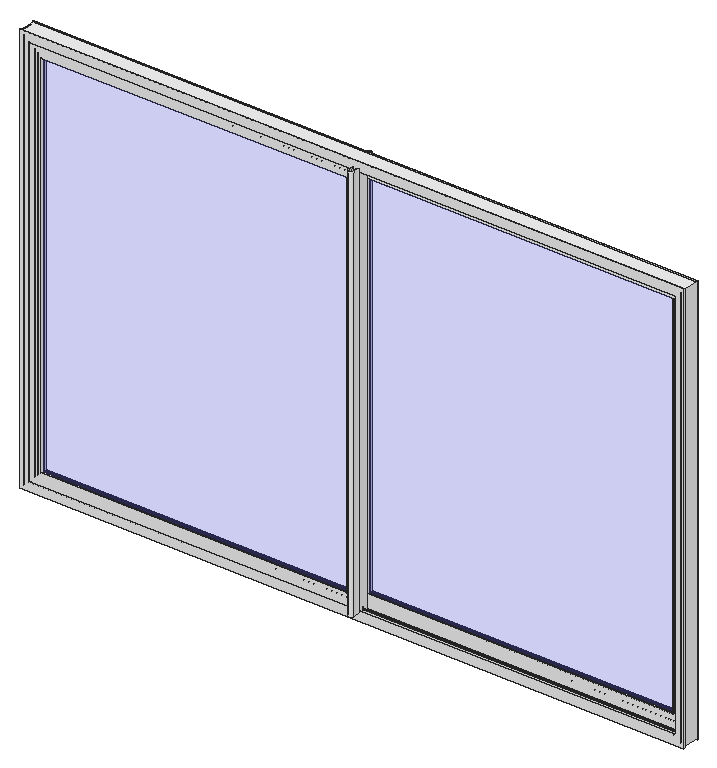
Revit family "1000_Sliding_Window_XO_Custom", category Windows, host Wall, Revit 2014
Parameters (values of type "1000SW-XO-Custom")
  Windload Design = if(Custom Windload < 1001 mm, 1000 mm, if(Custom Windload < 1501 mm, 1500 mm, 2000 mm))  # 1000 mm
  Width Sash Right [instance] = 1500 mm
  Width Sash Left [instance] = 1500 mm
  Width = if(Custom Window Width < Limit Window Width Min, Limit Window Width Min, if(Custom Window Width > Limit Window Width Max, Limit Window Width Max, Custom Window Width))  # 2998.6 mm
  Wall Thickness [instance] = 200 mm
  URL = "http://www.crealco.co.za/crealco-products.php"
  Thermal Resistance (R) [instance] = if(and(Custom U Value > 0.5678, 1 / Custom U Value < 36.9087), Custom U Value, if(not(Custom U Value > 0.5678), 1 / 0.5679, 1 / 36.9086)) * 1.0000 (m²·K)/W  # 1.76087 (m²·K)/W
  Standard Interlocker = not(Heavy Duty Interlocker)  # no
  Solar Heat Gain Coefficient [instance] = if(and(not(Custom SHGC Value < 0), not(Custom SHGC Value > 1)), Custom SHGC Value, if(Custom U Value < 0, 0, 1))  # 0
  Sash Width Right = (Width - (2 mm * 28.7) - Sash Width Left) + 58.8 mm  # 1500 mm
  Sash Width Left = if(Equal Sash Width, ((Width - (2 mm * 28.7)) / 2) + 29.4 mm, if(Custom Sash Width Left < Limit Sash Width Left Min, Limit Sash Width Left Min, if(Custom Sash Width Left > Limit Sash Width Left Max, Limit Sash Width Left Max, Custom Sash Width Left)))  # 1500 mm
  Sash Height = Height - (2 mm * 28.7)  # 1800 mm
  Sash Frame Seal = 2 mm  # constant formula
  Overall Width [instance] = 2998.6 mm
  Overall Height [instance] = 1857.4 mm
  Model = "1000"  # constant formula
  Max Pane Area = if(Area Right Sash Glazing > Area Left Sash Glazing, Area Right Sash Glazing, Area Left Sash Glazing)  # 2.37814 m²
  Manufacturer = "Crealco"  # constant formula
  Limit Window Width Min = (2 * Limit Sash Width Min) + (2 mm * 28.7) - 58.8 mm  # 598.6 mm
  Limit Window Width Max = (2 * Limit Sash Width Max) + (2 mm * 28.7) - 58.8 mm  # 2998.6 mm
  Limit Window Height Min = Limit Sash Height Min + (2 mm * 28.7)  # 357.4 mm
  Limit Window Height Max = Limit Sash Height Max + (2 mm * 28.7)  # 1857.4 mm
  Limit Sash Width Min = 300 mm  # constant formula
  Limit Sash Width Max = 1500 mm  # constant formula
  Limit Sash Width Left Min = if(Width - (2 mm * 28.7) - Limit Sash Width Max + 58.8 mm < Limit Sash Width Min, Limit Sash Width Min, Width - (2 mm * 28.7) - Limit Sash Width Max + 58.8 mm)  # 1500 mm
  Limit Sash Width Left Max = if(Width - (2 mm * 28.7) - Limit Sash Width Min + 58.8 mm > Limit Sash Width Max, Limit Sash Width Max, Width - (2 mm * 28.7) - Limit Sash Width Min + 58.8 mm)  # 1500 mm
  Limit Sash Height Min = 300 mm  # constant formula
  Limit Sash Height Max = 1800 mm  # constant formula
  Is Heavy Duty Mullion = if(Windload Design = 1000 mm, if(and(Width > 1190 mm, Height > 1490 mm), 1 mm, 0 mm), if(Windload Design = 1500 mm, if(or(and(Width > 1490 mm, Height > 1190 mm), Height > 1490 mm), 1 mm, 0 mm), if(or(and(Width > 1190 mm, Height > 1190 mm), Height > 1490 mm), 1 mm, 0 mm)))  # 1 mm
  IGDB or SAGDB Number [instance] = 0
  Height Sash [instance] = 1800 mm
  Height = if(Custom Window Height < Limit Window Height Min, Limit Window Height Min, if(Custom Window Height > Limit Window Height Max, Limit Window Height Max, Custom Window Height))  # 1857.4 mm
  Heavy Duty Interlocker = if(Is Heavy Duty Mullion = 1 mm, 1 = 1, 1 = 0)  # yes
  Heat Transfer Coefficient (U) [instance] = if(and(Custom U Value > 0.5678, Custom U Value < 36.9087), Custom U Value, if(not(Custom U Value > 0.5678), 0.5679, 36.9086)) * 1.0000 W/(m²·K)  # 0.5679 W/(m²·K)
  Glazing Thickness [instance] = if(IGDB or SAGDB Number = 1000015, 4 mm, if(IGDB or SAGDB Number = 9922, 4 mm, if(IGDB or SAGDB Number = 100100, 6 mm, if(IGDB or SAGDB Number = 103200, 7 mm, if(not(Max Pane Area > 0.75 m²), 4 mm, if(not(Max Pane Area > 1.50 m²), 4 mm, if(not(Max Pane Area > 2.10 m²), 5 mm, if(not(Max Pane Area > 2.90 m²), 6.4 mm, if(not(Max Pane Area > 4.30 m²), 8 mm, 10 mm)))))))))  # 6.4 mm
  Glazing Material [instance] = if(IGDB or SAGDB Number = 1000015, "PFG CLEARVUE 4mm", if(IGDB or SAGDB Number = 9922, "PFG ENERGY ADVANTAGE 4mm LOW-E", if(IGDB or SAGDB Number = 100100, "PFG INTRUDERPRUFE 6.38mm", if(IGDB or SAGDB Number = 103200, "PFG INTRUDERPRUFE LOW-E 7.38mm", "Unknown"))))  # "Unknown"
  Glazing Finish [instance] = Glass
  Glazing Code [instance] = if(IGDB or SAGDB Number = 1000015, "CF4", if(IGDB or SAGDB Number = 9922, "CF4E", if(IGDB or SAGDB Number = 100100, "LAM01", if(IGDB or SAGDB Number = 103200, "LAM01E", "Unknown"))))  # "Unknown"
  Frame Thickness = 75.7 mm  # constant formula
  Frame Offset From Exterior [instance] = if(Centered In Wall, (Wall Thickness - Frame Thickness) / 2, Custom Frame Offset From Exterior)  # 62.15 mm
  Equal Sash Width = yes
  Description = "Sliding window, OX custom"  # constant formula
  Default Sill Height = 800 mm
  Wall Closure = By host
  Custom Window Width = 10000 mm
  Custom Window Height = 10000 mm
  Custom Windload = 1000 mm
  Custom U Value [instance] = 0
  Custom Sash Width Left = 0 mm
  Custom SHGC Value [instance] = 0
  Custom Frame Offset From Exterior = 0 mm
  Centered In Wall = yes
  Area Right Sash Glazing = (Sash Width Right - (50.3 mm * 2)) * (Sash Height - (50.3 mm * 2))  # 2.37814 m²
  Area Left Sash Glazing = (Sash Width Left - (50.3 mm * 2)) * (Sash Height - (50.3 mm * 2))  # 2.37814 m²
  Aluminium Finish [instance] = White Powder Coated Aluminium ANP 1052
  All Available Glazing Numbers [instance] = "The rows below list the available glazing materials for this window:"  # constant formula
  9922 [instance] = "CF4E"  # constant formula
  103200 [instance] = "LAM01E"  # constant formula
  100100 [instance] = "LAM01"  # constant formula
  1000015 [instance] = "CF4"  # constant formula
Reference planes
  plane 1 "Center (Front/Back)": y = 0
  plane 2 "Center (Left/Right)": x = 0
  plane 3 "Left": x = -1499.3
  plane 4 "Right": x = 1499.3
  plane 5 "Sill": z = 800
  plane 6 "Head": z = 2657.4
  plane 7 "Exterior": y = 100
  plane 8 "Interior": y = -100
Lines and regions (mm)
  Opening 1
    outline origin (3500, -100, 0) x (1, 0, 0) y (0, 0, 1)
      loop
        line (-2000.7, 800) -> (-2000.7, 2657.4) -> (-4999.3, 2657.4) -> (-4999.3, 800) -> (-2000.7, 800)
Text (mm)
  text "EXTERIOR" at (-1963.203, 1332.353, 0), in view "Ref. Level"
  text "INTERIOR" at (-1981.466, -818.386, 0), in view "Ref. Level"
  text "Exterior" at (0, 923.751, 2943.296), in view "Right"
  text "Exterior" at (0, 1040.484, 2685.409), in view "Left"
Dimensions and locks
  equal spacing: plane 3 "Left", plane 2 "Center (Left/Right)", plane 4 "Right"
  "Width": plane 3 "Left" to plane 4 "Right"
  "Height": plane 5 "Sill" to plane 6 "Head"
  "Default Sill Height": plane 5 "Sill" to level
  locked: plane 7 "Exterior" to host wall at 0
  locked: plane 8 "Interior" to host wall
  "Overall Height": plane 6 "Head" to plane 5 "Sill"
  "Overall Width": plane 3 "Left" to plane 4 "Right"
  "Frame Offset From Exterior": nested 1 to plane 7 "Exterior"
  "Sash Frame Seal": nested 1 to nested 3
  "Sash Frame Seal": nested 2 to nested 1
  "Width Sash Left": nested 3 to nested 3
  "Width Sash Right": nested 2 to nested 2
  "Height Sash": nested 3 to nested 3
  "Wall Thickness": host wall to host wall
  aligned and locked: nested 1 to nested 3
  aligned and locked: nested 2 to nested 1  (x2)
  aligned and locked: nested 3 to nested 1
  aligned and locked: nested 1 to plane 6 "Head"
  aligned and locked: nested 1 to plane 4 "Right"
  aligned and locked: nested 4 to nested 3  (x3)
  aligned and locked: nested 5 to nested 2
  aligned and locked: nested 2 to nested 5
  aligned and locked: nested 7 to nested 2  (x2)
  aligned and locked: nested 2 to nested 7
  aligned and locked: nested 6 to nested 3  (x3)
  aligned and locked: nested 7 to nested 5
Automatic sketch dimensions
  plane 3 "Left" to Opening 1 sketch curve = 0 mm
  plane 4 "Right" to Opening 1 sketch curve = 0 mm
  Opening 1 sketch curve to plane 5 "Sill" = 0 mm
  Opening 1 sketch curve to plane 6 "Head" = 0 mm
Nested families
  nested 1: "1000_Outer_Frame_With_Lip_XO_Cust" at (-1499.3, -37.85, 800) x (-1, 0, 0) z (0, 0, 1), Width <- "Width", Height <- "Height", Profile Material <- "Aluminium Finish", type "1000_Outer_Frame_With_Lip_XO_Cust"
    with Width 2998.6 mm, Profile Material White Powder Coated Aluminium ANP 1052, Height 1857.4 mm
  nested 2: "1000_Sash_SG_XO_Cust" at (29.401, -2.15, 828.699), Sash Height <- "Sash Height", Sash Width <- "Sash Width Right", Profile Material <- "Aluminium Finish", Glazing Thickness <- "Glazing Thickness", Glazing Material <- "Glazing Finish", type "1000_Sash_SG_XO_Cust"
    with Sash Width 1500 mm, Sash Height 1800 mm, Right Sliding no, Profile Material White Powder Coated Aluminium ANP 1052, Length Arrow Tip 141.354 mm, Length Arrow 466.467 mm, Left Sliding no, Is Sliding no, Glazing Thickness 6.4 mm, Glazing Start -3.2 mm, Glazing Material Glass, Glazing End 3.2 mm, Arrow Tip Length 141.354 mm, Arrow Left Gap 516.767 mm, Arrow Bottom Gap 900 mm
  nested 3: "1000_Sash_SG_XO_Cust" at (1470.599, 37.85, 828.699), Sash Height <- "Sash Height", Sash Width <- "Sash Width Left", Profile Material <- "Aluminium Finish", Glazing Thickness <- "Glazing Thickness", Glazing Material <- "Glazing Finish", type "1000_Sash_SG_XO_Cust"
    with Sash Width 1500 mm, Sash Height 1800 mm, Right Sliding yes, Profile Material White Powder Coated Aluminium ANP 1052, Length Arrow Tip 141.354 mm, Length Arrow 466.467 mm, Left Sliding no, Is Sliding yes, Glazing Thickness 6.4 mm, Glazing Start -3.2 mm, Glazing Material Glass, Glazing End 3.2 mm, Arrow Tip Length 141.354 mm, Arrow Left Gap 516.767 mm, Arrow Bottom Gap 900 mm
  nested 4: "1000_Clip_On_Interlocker_XO_Cust" at (1.599, 1.55, 828.699) x (0, 1, 0) z (0, 0, 1), Clip On Interlocker Length <- "Sash Height", visible <- "Standard Interlocker", type "1000_Clip_On_Interlocker_XO_Cust"
    with Profile Material none, Clip On Interlocker Length 1800 mm
  nested 5: "1000_Clip_On_Interlocker_XO_Cust" at (-1.599, 6.15, 828.699) x (0, -1, 0) z (0, 0, 1), Clip On Interlocker Length <- "Sash Height", visible <- "Standard Interlocker", type "1000_Clip_On_Interlocker_XO_Cust"
    with Profile Material none, Clip On Interlocker Length 1800 mm
  nested 6: "1000_Heavy_Duty_Interlocker_XO_Cust" at (119.584, -185.916, 828.699) x (0, 1, 0) z (0, 0, 1), visible <- "Heavy Duty Interlocker", Profile Material <- "Aluminium Finish", Heavy Duty Interlocker Length <- "Sash Height", type "1000_Heavy_Duty_Interlocker_XO_Cust"
    with Profile Material White Powder Coated Aluminium ANP 1052, Heavy Duty Interlocker Length 1800 mm, Heavy Duty Interlocker yes
  nested 7: "1000_Heavy_Duty_Interlocker_XO_Cust" at (-119.584, 193.616, 828.699) x (0, -1, 0) z (0, 0, 1), visible <- "Heavy Duty Interlocker", Profile Material <- "Aluminium Finish", Heavy Duty Interlocker Length <- "Sash Height", type "1000_Heavy_Duty_Interlocker_XO_Cust"
    with Profile Material White Powder Coated Aluminium ANP 1052, Heavy Duty Interlocker Length 1800 mm, Heavy Duty Interlocker yes
Definition of nested family "1000_Outer_Frame_With_Lip_XO_Cust"
  Parameters (values of type "1000_Outer_Frame_With_Lip")
    Width [instance] = 1200 mm
    Profile Material [instance] = none
    Height [instance] = 1800 mm
  Reference planes
    plane 1 "Center (Front/Back)": y = 0
    plane 2: z = 0
    plane 3 "Center (Left/Right)": x = 0
  Forms (mm)
    Sweep 1, solid, material <- "Profile Material"
      path origin (0, 0, 0) x (1, 0, 0) y (0, 0, 1)
        loop
          line (0, 0) -> (0, 1800) -> (-1200, 1800) -> (-1200, 0) -> (0, 0)
      profile origin (-600, 0, 0) x (0, 0, -1) y (0, -1, 0)
        loop
          line (0, 0) -> (0, 1.4) -> (-4.241, 1.4) -> (-4.241, 42) -> (-4.241, 74.3) -> (0, 74.3) -> (0, 75.7) -> (-18.001, 75.7) -> (-18.001, 67.7) -> (-38.001, 67.7) -> (-39.788, 62.338) -> (-39.788, 61.062) -> (-38.001, 55.7) -> (-28.701, 55.7) -> (-28.701, 57.1) -> (-36.887, 57.1) -> (-37.885, 60.095) -> (-37.885, 63.305) -> (-36.887, 66.3) -> (-18.001, 66.3) -> (-18.001, 17.1) -> (-36.887, 17.1) -> (-37.885, 20.095) -> (-37.885, 23.305) -> (-36.887, 26.3) -> (-28.701, 26.3) -> (-28.701, 27.7) -> (-38.001, 27.7) -> (-39.788, 22.338) -> (-39.788, 21.062) -> (-38.001, 15.7) -> (-18.001, 15.7) -> (-18.001, 1.4) -> (-39.751, 1.4) -> (-39.751, 0) -> (0, 0)
        loop
          line (-5.641, 74.3) -> (-16.601, 74.3) -> (-16.601, 1.4) -> (-5.641, 1.4) -> (-5.641, 74.3)
  Lines and regions (mm)
    model lines
      curve 1: line (-1200, -75.7, 1800) -> (-1181.999, -75.7, 1781.999)
      curve 2: line (-18.001, -75.7, 1781.999) -> (0, -75.7, 1800)
      curve 3: line (0, -75.7, 0) -> (-18.001, -75.7, 18.001)
      curve 4: line (-1181.999, -75.7, 18.001) -> (-1200, -75.7, 0)
      curve 5: line (-1181.999, -67.7, 18.001) -> (-1161.999, -67.7, 38.001)
      curve 6: line (-38.001, -67.7, 38.001) -> (-18.001, -67.7, 18.001)
      curve 7: line (-18.001, -67.7, 1781.999) -> (-38.001, -67.7, 1761.999)
      curve 8: line (-1181.999, -67.7, 1781.999) -> (-1161.999, -67.7, 1761.999)
      curve 9: line (0, 0, 1800) -> (-39.788, 0, 1760.212)
      curve 10: line (-1200, 0, 1800) -> (-1160.249, 0, 1760.249)
      curve 11: line (-1200, 0, 0) -> (-1160.249, 0, 39.751)
      curve 12: line (0, 0, 0) -> (-39.788, 0, 39.788)
  Dimensions and locks
    "Width": Sweep 1 sketch curve to Sweep 1 sketch curve
    "Height": Sweep 1 sketch curve to Sweep 1 sketch curve
    aligned and locked: level to plane 2
  Automatic sketch dimensions
    Sweep 1 sketch curve to plane 1 "Center (Front/Back)" = 0 mm
    Sweep 1 sketch curve to profile plane = 0 mm  (x2)
    Sweep 1 sketch curve to Sweep 1 sketch curve = 4.241 mm
    Sweep 1 sketch curve to Sweep 1 sketch curve = 1.4 mm  (x8)
    plane 1 "Center (Front/Back)" to Sweep 1 sketch curve = 1.4 mm  (x2)
    Sweep 1 sketch curve to Sweep 1 sketch curve = 10.96 mm
    Sweep 1 sketch curve to Sweep 1 sketch curve = 0 mm  (x3)
    Sweep 1 sketch curve to Sweep 1 sketch curve = 10.7 mm  (x2)
    Sweep 1 sketch curve to Sweep 1 sketch curve = 8.186 mm  (x4)
    plane 1 "Center (Front/Back)" to Sweep 1 sketch curve = 17.1 mm
    Sweep 1 sketch curve to Sweep 1 sketch curve = 0.998 mm  (x2)
    Sweep 1 sketch curve to Sweep 1 sketch curve = 1.114 mm  (x4)
    Sweep 1 sketch curve to Sweep 1 sketch curve = 1.75 mm
    Sweep 1 sketch curve to Sweep 1 sketch curve = 1.904 mm  (x2)
    Sweep 1 sketch curve to Sweep 1 sketch curve = 2.995 mm  (x4)
    Sweep 1 sketch curve to Sweep 1 sketch curve = 0.967 mm  (x4)
    Sweep 1 sketch curve to Sweep 1 sketch curve = 1.276 mm  (x2)
    Sweep 1 sketch curve to Sweep 1 sketch curve = 14.3 mm
    Sweep 1 sketch curve to Sweep 1 sketch curve = 28 mm
    Sweep 1 sketch curve to Sweep 1 sketch curve = 6.6 mm
    curve 3 to Sweep 1 = 0 mm  (x3)
    Sweep 1 to curve 3 = 0 mm
    curve 2 to Sweep 1 = 0 mm  (x4)
    curve 1 to Sweep 1 = 0 mm  (x4)
    curve 4 to Sweep 1 = 0 mm  (x3)
    Sweep 1 to curve 4 = 0 mm
    curve 7 to Sweep 1 = 0 mm  (x4)
    curve 6 to Sweep 1 = 0 mm  (x3)
    Sweep 1 to curve 6 = 0 mm
    curve 5 to Sweep 1 = 0 mm  (x3)
    Sweep 1 to curve 5 = 0 mm
    curve 8 to Sweep 1 = 0 mm  (x4)
    curve 12 to Sweep 1 = 0 mm  (x2)
    curve 9 to Sweep 1 = 0 mm
    Sweep 1 to curve 9 = 0 mm
    curve 11 to Sweep 1 = 0 mm  (x4)
    curve 10 to Sweep 1 = 0 mm  (x3)
    Sweep 1 to curve 10 = 0 mm
    curve 12 to Sweep 1 = 0.037 mm  (x2)
    curve 9 to Sweep 1 = 0.037 mm  (x2)
    Sweep 1 sketch curve to level = 0 mm
    Sweep 1 sketch curve to plane 3 "Center (Left/Right)" = 0 mm
Definition of nested family "1000_Sash_SG_XO_Cust"
  Parameters (values of type "1000_Sash_SG")
    Sash Width [instance] = 300 mm
    Sash Height [instance] = 600 mm
    Right Sliding [instance] = yes
    Profile Material [instance] = White Powder Coated Aluminium ANP 1052
    Length Arrow Tip [instance] = Length Arrow / 3.3  # 20.141 mm
    Length Arrow [instance] = (Sash Width - (2 * 50.3 mm)) / 3  # 66.467 mm
    Left Sliding [instance] = yes
    Is Sliding [instance] = if(or(Right Sliding, Left Sliding), 1 = 1, 1 = 2)  # yes
    Glazing Thickness [instance] = 6.4 mm
    Glazing Start [instance] = -Glazing Thickness / 2  # -3.2 mm
    Glazing Material [instance] = Glass
    Glazing Frame Gap = 5 mm  # constant formula
    Glazing End [instance] = Glazing Thickness / 2  # 3.2 mm
    Arrow Tip Length [instance] = if((Sash Height - (2 * 50.3 mm)) / 8 > Length Arrow / 3.3, Length Arrow / 3.3, (Sash Height - (2 * 50.3 mm)) / 8)  # 20.141 mm
    Arrow Tip Angle = 45.00°
    Arrow Left Gap [instance] = (Sash Width - Length Arrow) / 2  # 116.767 mm
    Arrow Bottom Gap [instance] = Sash Height / 2  # 300 mm
  Reference planes
    plane 1 "Center (Front/Back)": y = 0
    plane 2: z = 0
    plane 3 "Center (Left/Right)": x = 0
    plane 4: y = -14
  Forms (mm)
    Sweep 1, solid, material "White Powder Coated Aluminium ANP 1052" <- "Profile Material"
      path origin (0, 0, 0) x (1, 0, 0) y (0, 0, 1)
        loop
          line (0, 0) -> (0, 600) -> (-300, 600) -> (-300, 0) -> (0, 0)
      profile origin (-150, 0, 0) x (0, 0, -1) y (0, -1, 0)
        loop
          line (-60, 0) -> (0, 0) -> (0, 6) -> (-1.3, 6) -> (-1.3, 1.3) -> (-31.5, 1.3) -> (-31.5, 5) -> (-30, 5) -> (-30, 23) -> (-31.5, 23) -> (-31.5, 26.7) -> (-1.3, 26.7) -> (-1.3, 22) -> (0, 22) -> (0, 28) -> (-60, 28) -> (-60, 20) -> (-58.7, 20) -> (-58.7, 26.7) -> (-45.3, 26.7) -> (-45.3, 1.3) -> (-58.7, 1.3) -> (-58.7, 8) -> (-60, 8) -> (-60, 0)
        loop
          line (-44, 26.7) -> (-44, 1.3) -> (-33, 1.3) -> (-33, 6.3) -> (-31.5, 6.3) -> (-31.5, 21.7) -> (-33, 21.7) -> (-33, 26.7) -> (-44, 26.7)
    Extrusion 2, solid, material "Glass" <- "Glazing Material"
      sketch origin (-1130, -14, 1200) x (-1, 0, 0) y (0, 0, 1)
        loop
          line (-880.3, -650.3) -> (-1079.7, -650.3) -> (-1079.7, -1149.7) -> (-880.3, -1149.7) -> (-880.3, -650.3)
      from -3.2 <- "Glazing Start" to 3.2 <- "Glazing End"
  Lines and regions (mm)
    model lines
      curve 1: line (-240, 0, 540) -> (-300, 0, 600)
      curve 2: line (-60, 0, 540) -> (0, 0, 600)
      curve 3: line (0, 0, 0) -> (-60, 0, 60)
      curve 4: line (-240, 0, 60) -> (-300, 0, 0)
      curve 5: line (-60, -28, 540) -> (0, -28, 600)
      curve 6: line (-240, -28, 540) -> (-300, -28, 600)
      curve 7: line (-300, -28, 0) -> (-240, -28, 60)
      curve 8: line (0, -28, 0) -> (-60, -28, 60)
    model lines, visible <- "Is Sliding"
      curve 9: line (-183.233, -10.8, 300) -> (-116.767, -10.8, 300)
    model lines, visible <- "Left Sliding"
      curve 10: line (-116.767, -10.8, 300) -> (-131.009, -10.8, 314.242)
      curve 11: line (-116.767, -10.8, 300) -> (-131.009, -10.8, 285.758)
    model lines, visible <- "Right Sliding"
      curve 12: line (-183.233, -10.8, 300) -> (-168.991, -10.8, 314.242)
      curve 13: line (-183.233, -10.8, 300) -> (-168.991, -10.8, 285.758)
  Dimensions and locks
    "Sash Width": Sweep 1 sketch curve to Sweep 1 sketch curve
    "Sash Height": Sweep 1 sketch curve to Sweep 1 sketch curve
    "Glazing Frame Gap": Sweep 1 to Extrusion 2 sketch curve
    "Glazing Frame Gap": Extrusion 2 sketch curve to Sweep 1  (x3)
    "Length Arrow": curve 9 to curve 9
    "Arrow Left Gap": plane 3 "Center (Left/Right)" to curve 9
    "Arrow Bottom Gap": level to curve 9
    "Arrow Tip Length": curve 11 to curve 10
    "Arrow Tip Length": curve 11 to curve 11
    "Length Arrow Tip": curve 13 to curve 13
    "Length Arrow Tip": curve 13 to curve 12
    "Arrow Tip Angle": angle curve 11 to curve 9
    "Arrow Tip Angle": angle curve 9 to curve 10
    "Arrow Tip Angle": angle curve 12 to curve 9
    "Arrow Tip Angle": angle curve 9 to curve 13
    aligned and locked: level to plane 2
  Automatic sketch dimensions
    curve 2 to Sweep 1 = 0 mm  (x4)
    curve 3 to Sweep 1 = 0 mm  (x3)
    Sweep 1 to curve 3 = 0 mm
    curve 1 to Sweep 1 = 0 mm  (x4)
    curve 4 to Sweep 1 = 0 mm  (x3)
    Sweep 1 to curve 4 = 0 mm
    curve 8 to Sweep 1 = 0 mm  (x4)
    curve 5 to Sweep 1 = 0 mm  (x3)
    Sweep 1 to curve 5 = 0 mm
    curve 7 to Sweep 1 = 0 mm  (x4)
    curve 6 to Sweep 1 = 0 mm  (x3)
    Sweep 1 to curve 6 = 0 mm
    Sweep 1 sketch curve to plane 1 "Center (Front/Back)" = 0 mm
    Sweep 1 sketch curve to profile plane = 0 mm  (x2)
    profile plane to Sweep 1 sketch curve = 1.3 mm
    Sweep 1 sketch curve to Sweep 1 sketch curve = 1.3 mm  (x7)
    Sweep 1 sketch curve to Sweep 1 sketch curve = 28.7 mm
    plane 1 "Center (Front/Back)" to Sweep 1 sketch curve = 1.3 mm  (x2)
    Sweep 1 sketch curve to Sweep 1 sketch curve = 1.5 mm  (x5)
    Sweep 1 sketch curve to Sweep 1 sketch curve = 11 mm
    Sweep 1 sketch curve to Sweep 1 sketch curve = 13.4 mm  (x2)
    Sweep 1 sketch curve to Sweep 1 sketch curve = 0 mm
    Sweep 1 sketch curve to Sweep 1 sketch curve = 3.7 mm
    Sweep 1 sketch curve to Sweep 1 sketch curve = 4.7 mm  (x2)
    Sweep 1 sketch curve to Sweep 1 sketch curve = 6.7 mm  (x2)
    Sweep 1 sketch curve to Sweep 1 sketch curve = 12 mm
    Sweep 1 sketch curve to Sweep 1 sketch curve = 15.4 mm
    Sweep 1 sketch curve to Sweep 1 sketch curve = 16 mm
    Sweep 1 sketch curve to Sweep 1 sketch curve = 5 mm
    Sweep 1 sketch curve to level = 0 mm
    Sweep 1 sketch curve to plane 3 "Center (Left/Right)" = 0 mm
Definition of nested family "1000_Clip_On_Interlocker_XO_Cust"
  Parameters (values of type "1000_Clip_On_Interlocker")
    Profile Material [instance] = none
    Notch Width = 13.1 mm  # constant formula
    Notch Side Gap = 4.8 mm  # constant formula
    Notch Height = 20 mm  # constant formula
    Clip On Interlocker Length [instance] = 250 mm
  Reference planes
    plane 1 "Center (Front/Back)": y = 0
    plane 2: z = 0
    plane 3 "Center (Left/Right)": x = 0
  Forms (mm)
    Extrusion 1, solid, material <- "Profile Material"
      sketch origin (0, 0, 0) x (1, 0, 0) y (0, 1, 0)
        loop
          line (0, 32.2) -> (0, 24.6) -> (6.9, 24.6) -> (6.9, 10) -> (0, 10) -> (0, 0) -> (1.2, 0) -> (1.2, 8.8) -> (6.9, 8.8) -> (6.9, 5.7) -> (8.3, 5.7) -> (8.3, 25.8) -> (1.2, 25.8) -> (1.2, 31) -> (14.6, 31) -> (14.6, 24.5) -> (15.775, 24.5) -> (15.775, 31) -> (28.875, 31) -> (28.875, 24.5) -> (30, 24.5) -> (30, 31) -> (33.7, 31) -> (33.7, 32.2) -> (0, 32.2)
      from 0 to 250 <- "Clip On Interlocker Length"
    Extrusion 2, void
      sketch origin (33.075, 32.2, 0) x (1, 0, 0) y (0, 0, 1)
        loop
          line (-4.175, 250) -> (-17.275, 250) -> (-17.275, 230) -> (-4.175, 230) -> (-4.175, 250)
        loop
          line (-4.175, 0) -> (-4.175, 20) -> (-17.275, 20) -> (-17.275, 0) -> (-4.175, 0)
      from 0 to 2
  Cuts and joins
    Extrusion 2 cuts Extrusion 1
  Dimensions and locks
    "Notch Side Gap": Extrusion 1 to Extrusion 2 sketch curve  (x2)
    "Notch Width": Extrusion 2 sketch curve to Extrusion 2 sketch curve  (x2)
    "Notch Height": Extrusion 1 to Extrusion 2 sketch curve
    "Notch Height": Extrusion 2 sketch curve to Extrusion 1
    aligned and locked: level to plane 2
    aligned and locked: Extrusion 1 to Extrusion 2 sketch curve
    aligned and locked: Extrusion 2 sketch curve to Extrusion 1
  Automatic sketch dimensions
    Extrusion 1 sketch curve to plane 3 "Center (Left/Right)" = 0 mm  (x2)
    plane 1 "Center (Front/Back)" to Extrusion 1 sketch curve = 0 mm
    plane 3 "Center (Left/Right)" to Extrusion 1 sketch curve = 1.2 mm  (x2)
    Extrusion 1 sketch curve to Extrusion 1 sketch curve = 5.7 mm
    Extrusion 1 sketch curve to Extrusion 1 sketch curve = 0 mm  (x3)
    Extrusion 1 sketch curve to Extrusion 1 sketch curve = 1.4 mm
    Extrusion 1 sketch curve to Extrusion 1 sketch curve = 6.3 mm
    Extrusion 1 sketch curve to Extrusion 1 sketch curve = 1.175 mm
    Extrusion 1 sketch curve to Extrusion 1 sketch curve = 13.1 mm
    Extrusion 1 sketch curve to Extrusion 1 sketch curve = 1.125 mm
    Extrusion 1 sketch curve to Extrusion 1 sketch curve = 3.7 mm
    Extrusion 1 sketch curve to plane 1 "Center (Front/Back)" = 5.7 mm
    Extrusion 1 sketch curve to Extrusion 1 sketch curve = 3.1 mm
    Extrusion 1 sketch curve to Extrusion 1 sketch curve = 1.2 mm  (x3)
    Extrusion 1 sketch curve to Extrusion 1 sketch curve = 14.5 mm
    Extrusion 1 sketch curve to Extrusion 1 sketch curve = 14.6 mm
    Extrusion 1 sketch curve to Extrusion 1 sketch curve = 6.5 mm  (x2)
Definition of nested family "1000_Heavy_Duty_Interlocker_XO_Cust"
  Parameters (values of type "1000_Heavy_Duty_Interlocker")
    Profile Material [instance] = none
    Notch Width = 13 mm  # constant formula
    Notch Side Gap = 15.8 mm  # constant formula
    Notch Height = 20 mm  # constant formula
    Heavy Duty Interlocker Length [instance] = 250 mm
    Heavy Duty Interlocker [instance] = yes
  Reference planes
    plane 1 "Center (Front/Back)": y = 0
    plane 2: z = 0
    plane 3 "Center (Left/Right)": x = 0
  Forms (mm)
    Extrusion 1, solid, material <- "Profile Material", visible <- "Heavy Duty Interlocker"
      sketch origin (374.931, 0, 0) x (-1, 0, 0) y (0, -1, 0)
        loop
          line (158.706, -148.985) -> (158.706, -145.885) -> (157.506, -145.885) -> (157.506, -148.985) -> (151.156, -148.985) -> (151.156, -122.127)
          arc (151.156, -122.127) -> (134.132, -124.551) -> (116.984, -123.281) r 80
          arc (116.984, -123.281) -> (104.109, -136.156) -> (116.984, -149.031) r 12.875
          arc (116.984, -149.031) -> (134.132, -147.761) -> (151.156, -150.185) r 80
          line (151.156, -150.185) -> (187.466, -150.185) -> (187.466, -139.985) -> (186.266, -139.985) -> (186.266, -142.585) -> (180.266, -142.585) -> (180.266, -127.985) -> (186.266, -127.985) -> (186.266, -130.585) -> (187.466, -130.585) -> (187.466, -117.985) -> (186.266, -117.985) -> (186.266, -126.785) -> (180.266, -126.785) -> (180.266, -123.685) -> (179.166, -123.685) -> (179.166, -143.785) -> (186.266, -143.785) -> (186.266, -148.985) -> (172.841, -148.985) -> (172.841, -145.885) -> (171.641, -145.885) -> (171.641, -148.985) -> (158.706, -148.985)
        loop
          arc (149.756, -124.533) -> (149.569, -124.143) -> (149.147, -124.045) r 0.5
          arc (149.147, -124.045) -> (141.472, -125.375) -> (133.704, -125.964) r 81.4
          arc (133.704, -125.964) -> (125.312, -125.766) -> (116.984, -124.704) r 81.4
          arc (116.984, -124.704) -> (105.532, -136.156) -> (116.984, -147.608) r 11.452
          arc (116.984, -147.608) -> (125.312, -146.546) -> (133.704, -146.347) r 81.4
          arc (133.704, -146.347) -> (141.472, -146.937) -> (149.147, -148.266) r 81.4
          arc (149.147, -148.266) -> (149.569, -148.169) -> (149.756, -147.778) r 0.5
          line (149.756, -147.778) -> (149.756, -124.533)
      from 0 to 250 <- "Heavy Duty Interlocker Length"
    Extrusion 2, void
      sketch origin (187.466, 150.185, 0) x (-1, 0, 0) y (0, 0, -1)
        loop
          line (-15.825, -250) -> (-15.825, -230) -> (-28.76, -230) -> (-28.76, -250) -> (-15.825, -250)
        loop
          line (-15.825, 0) -> (-28.76, 0) -> (-28.76, -20) -> (-15.825, -20) -> (-15.825, 0)
      from 0 to 250
  Cuts and joins
    Extrusion 2 cuts Extrusion 1
  Dimensions and locks
    "Notch Height": Extrusion 2 sketch curve to Extrusion 1
    "Notch Height": Extrusion 1 to Extrusion 2 sketch curve
    aligned and locked: level to plane 2
  Automatic sketch dimensions
    Extrusion 1 sketch curve to Extrusion 1 sketch curve = 0 mm  (x22)
    plane 1 "Center (Front/Back)" to Extrusion 1 sketch curve = 136.156 mm
    Extrusion 1 sketch curve to plane 3 "Center (Left/Right)" = 257.947 mm
    Extrusion 1 sketch curve to Extrusion 1 sketch curve = 14.448 mm  (x2)
    plane 1 "Center (Front/Back)" to Extrusion 1 sketch curve = 44.596 mm
    Extrusion 1 sketch curve to Extrusion 1 sketch curve = 32.272 mm
    Extrusion 1 sketch curve to Extrusion 1 sketch curve = 0.5 mm
    Extrusion 1 sketch curve to Extrusion 1 sketch curve = 1.4 mm
    Extrusion 1 sketch curve to Extrusion 1 sketch curve = 6.35 mm
    Extrusion 1 sketch curve to Extrusion 1 sketch curve = 1.2 mm  (x7)
    Extrusion 1 sketch curve to Extrusion 1 sketch curve = 12.935 mm
    Extrusion 1 sketch curve to Extrusion 1 sketch curve = 6.325 mm
    Extrusion 1 sketch curve to Extrusion 1 sketch curve = 1.1 mm
    Extrusion 1 sketch curve to Extrusion 1 sketch curve = 6 mm  (x2)
    Extrusion 1 sketch curve to Extrusion 1 sketch curve = 18.171 mm
    Extrusion 1 sketch curve to Extrusion 1 sketch curve = 4.142 mm
    Extrusion 1 sketch curve to Extrusion 1 sketch curve = 5.7 mm
    Extrusion 1 sketch curve to Extrusion 1 sketch curve = 2.407 mm
    Extrusion 1 sketch curve to Extrusion 1 sketch curve = 3.1 mm  (x2)
    Extrusion 1 sketch curve to Extrusion 1 sketch curve = 2.6 mm  (x2)
    Extrusion 1 sketch curve to Extrusion 1 sketch curve = 9.4 mm
    Extrusion 1 sketch curve to Extrusion 1 sketch curve = 2.1 mm
    Extrusion 1 sketch curve to Extrusion 1 sketch curve = 1.893 mm
    Extrusion 1 sketch curve to Extrusion 1 sketch curve = 5.2 mm
    Extrusion 1 sketch curve to Extrusion 1 sketch curve = 15.443 mm  (x2)
    Extrusion 2 sketch curve to Extrusion 1 = 0 mm  (x2)
    Extrusion 2 sketch curve to Extrusion 1 = 7.55 mm  (x2)
    Extrusion 2 sketch curve to Extrusion 2 sketch curve = 12.935 mm  (x2)
